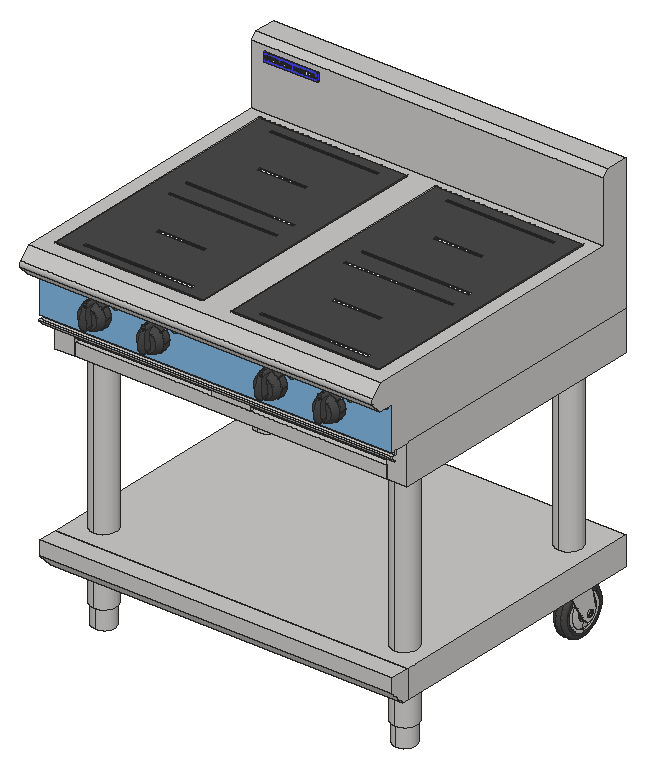
Revit family "QF_Moffat_IN514R5-LS_Induction_Cooktop_cat", category Specialty Equipment, Revit 2019
Family settings
  Round Connector Dimension = Use Diameter
  Part Type = Normal
  Work Plane-Based = No
  Always vertical = Yes
  Cut with Voids When Loaded = No
  Shared = No
  Room Calculation Point = No
Parameters (values of type "IN514R5-LS_415/60/3")
  Weight in Kilograms = 105
  Watts = 11620 W
  Volts = 415 V
  URL Cutsheet = ""
  Specification by User = ""
  Specification by Manufacturer = ""
  Show Logo [instance] = yes
  Show Legs [instance] = not(Show Castors)  # no
  Show Castors [instance] = yes
  Serial Number = ""
  Seismic Rating = ""
  SMACNA No = ""
  Revision Code = ""
  Phase = 3
  Number of Poles = 1
  NAFEM Spec ID Number = ""
  Model = "IN514R5-LS"
  Min Ckt Ampacity = 0 A
  Max Overcurrent Protection = 0 A
  Masterspec = ""
  Manufacturer = "Moffat"
  Length = 900 mm
  Item Number = ""
  Installed By = ""
  Identify Quantity as Lot = yes
  Height = 1085 mm
  HP = ""
  Furnished By = ""
  Foodservice Equipment Identifier = yes
  FL Amps = 28 A
  Electrical Remarks = ""
  Electric Connection Type = ""
  Elec Conn RI Height = 0 mm
  Elec Conn Connection Height = 0 mm
  Description = "Induction Cooktop"
  Depth = 812.2 mm
  Cycle = 60 Hz
  Conn Plug = ""
  Conn Conduit = yes
  CSI MasterFormat = ""
  Apparent Power = if(Phase = 3, Volts * FL Amps * 1.73, Volts * FL Amps)  # 20102.6 VA
Reference planes
  plane 1 "BACK": y = 0
  plane 2: z = 0
  plane 3 "LEFT": x = 0
  plane 4 "RIGHT": x = 900
  plane 5 "FRONT": y = -812.2
  plane 6 "TOP": z = 1085
  plane 7 "Center Y": x = 450
  plane 8 "Center X": y = -406.1
  plane 9: x = 65.5
  plane 10: x = 834.5
  plane 11: y = -30
  plane 12: x = 770
  plane 13: z = 635
  plane 14: y = -100
  plane 15: y = -625
  plane 16: z = 150
Forms (mm)
  Extrusion 1, solid, material "QF_Metal_Stainless_Polished"
    sketch origin (0, 0, 560) x (0, 1, 0) y (0, 0, 1)
      loop
        line (0, 180) -> (0, 525) -> (-57, 525) -> (-70, 512) -> (-70, 354.5) -> (-784.171, 354.5) -> (-808.685, 329.985)
        arc (-808.685, 329.985) -> (-812.2, 321.5) -> (-808.685, 313.015) r 12
        line (-808.685, 313.015) -> (-785.171, 289.5) -> (-749, 289.5) -> (-749, 180) -> (0, 180)
    from 0 to 900
  Extrusion 2, void
    sketch origin (0, -784.171, 914.5) x (0, 1, 0) y (-1, 0, 0)
      loop
        arc (44.671, -33.5) -> (40.428, -35.257) -> (38.671, -39.5) r 6
        line (38.671, -39.5) -> (38.671, -410.5)
        arc (38.671, -410.5) -> (40.428, -414.743) -> (44.671, -416.5) r 6
        line (44.671, -416.5) -> (690.671, -416.5)
        arc (690.671, -416.5) -> (694.913, -414.743) -> (696.671, -410.5) r 6
        line (696.671, -410.5) -> (696.671, -39.5)
        arc (696.671, -39.5) -> (694.913, -35.257) -> (690.671, -33.5) r 6
        line (690.671, -33.5) -> (44.671, -33.5)
      loop
        arc (44.671, -483.5) -> (40.428, -485.257) -> (38.671, -489.5) r 6
        line (38.671, -489.5) -> (38.671, -860.5)
        arc (38.671, -860.5) -> (40.428, -864.743) -> (44.671, -866.5) r 6
        line (44.671, -866.5) -> (690.671, -866.5)
        arc (690.671, -866.5) -> (694.913, -864.743) -> (696.671, -860.5) r 6
        line (696.671, -860.5) -> (696.671, -489.5)
        arc (696.671, -489.5) -> (694.913, -485.257) -> (690.671, -483.5) r 6
        line (690.671, -483.5) -> (44.671, -483.5)
    from 0 to -9.5
  Extrusion 3, solid, material "QF_Plastic_White_Smooth"
    sketch origin (0, -784.171, 905) x (0, 1, 0) y (-1, 0, 0)
      loop
        line (660.921, -362.5) -> (666.921, -362.5) -> (666.921, -87.5) -> (660.921, -87.5) -> (660.921, -362.5)
      loop
        line (526.421, -285) -> (532.421, -285) -> (532.421, -165) -> (526.421, -165) -> (526.421, -285)
      loop
        line (397.921, -87.5) -> (391.921, -87.5) -> (391.921, -362.5) -> (397.921, -362.5) -> (397.921, -87.5)
      loop
        line (337.421, -362.5) -> (343.421, -362.5) -> (343.421, -87.5) -> (337.421, -87.5) -> (337.421, -362.5)
      loop
        line (202.921, -285) -> (208.921, -285) -> (208.921, -165) -> (202.921, -165) -> (202.921, -285)
      loop
        line (68.421, -362.5) -> (74.421, -362.5) -> (74.421, -87.5) -> (68.421, -87.5) -> (68.421, -362.5)
      loop
        line (68.421, -812.5) -> (74.421, -812.5) -> (74.421, -537.5) -> (68.421, -537.5) -> (68.421, -812.5)
      loop
        line (202.921, -735) -> (208.921, -735) -> (208.921, -615) -> (202.921, -615) -> (202.921, -735)
      loop
        line (343.421, -537.5) -> (337.421, -537.5) -> (337.421, -812.5) -> (343.421, -812.5) -> (343.421, -537.5)
      loop
        line (391.921, -812.5) -> (397.921, -812.5) -> (397.921, -537.5) -> (391.921, -537.5) -> (391.921, -812.5)
      loop
        line (526.421, -735) -> (532.421, -735) -> (532.421, -615) -> (526.421, -615) -> (526.421, -735)
      loop
        line (660.921, -812.5) -> (666.921, -812.5) -> (666.921, -537.5) -> (660.921, -537.5) -> (660.921, -812.5)
    from 0 to 9.5
  Extrusion 4, solid, material "QF_Plastic_Black_Smooth"
    sketch origin (0, -784.171, 914.5) x (0, 1, 0) y (-1, 0, 0)
      loop
        line (690.671, -37.5) -> (44.671, -37.5)
        arc (44.671, -37.5) -> (43.256, -38.086) -> (42.671, -39.5) r 2
        line (42.671, -39.5) -> (42.671, -410.5)
        arc (42.671, -410.5) -> (43.256, -411.914) -> (44.671, -412.5) r 2
        line (44.671, -412.5) -> (690.671, -412.5)
        arc (690.671, -412.5) -> (692.085, -411.914) -> (692.671, -410.5) r 2
        line (692.671, -410.5) -> (692.671, -39.5)
        arc (692.671, -39.5) -> (692.085, -38.086) -> (690.671, -37.5) r 2
      loop
        line (690.671, -487.5) -> (44.671, -487.5)
        arc (44.671, -487.5) -> (43.256, -488.086) -> (42.671, -489.5) r 2
        line (42.671, -489.5) -> (42.671, -860.5)
        arc (42.671, -860.5) -> (43.256, -861.914) -> (44.671, -862.5) r 2
        line (44.671, -862.5) -> (690.671, -862.5)
        arc (690.671, -862.5) -> (692.085, -861.914) -> (692.671, -860.5) r 2
        line (692.671, -860.5) -> (692.671, -489.5)
        arc (692.671, -489.5) -> (692.085, -488.086) -> (690.671, -487.5) r 2
      loop
        line (666.921, -362.5) -> (666.921, -87.5) -> (660.921, -87.5) -> (660.921, -362.5) -> (666.921, -362.5)
      loop
        line (532.421, -285) -> (532.421, -165) -> (526.421, -165) -> (526.421, -285) -> (532.421, -285)
      loop
        line (397.921, -362.5) -> (397.921, -87.5) -> (391.921, -87.5) -> (391.921, -362.5) -> (397.921, -362.5)
      loop
        line (343.421, -87.5) -> (337.421, -87.5) -> (337.421, -362.5) -> (343.421, -362.5) -> (343.421, -87.5)
      loop
        line (208.921, -165) -> (202.921, -165) -> (202.921, -285) -> (208.921, -285) -> (208.921, -165)
      loop
        line (68.421, -362.5) -> (74.421, -362.5) -> (74.421, -87.5) -> (68.421, -87.5) -> (68.421, -362.5)
      loop
        line (666.921, -537.5) -> (660.921, -537.5) -> (660.921, -812.5) -> (666.921, -812.5) -> (666.921, -537.5)
      loop
        line (532.421, -615) -> (526.421, -615) -> (526.421, -735) -> (532.421, -735) -> (532.421, -615)
      loop
        line (397.921, -537.5) -> (391.921, -537.5) -> (391.921, -812.5) -> (397.921, -812.5) -> (397.921, -537.5)
      loop
        line (343.421, -812.5) -> (343.421, -537.5) -> (337.421, -537.5) -> (337.421, -812.5) -> (343.421, -812.5)
      loop
        line (208.921, -735) -> (208.921, -615) -> (202.921, -615) -> (202.921, -735) -> (208.921, -735)
      loop
        line (68.421, -537.5) -> (68.421, -812.5) -> (74.421, -812.5) -> (74.421, -537.5) -> (68.421, -537.5)
    from 0 to -9.5
  Extrusion 5, solid, material "QF_Metal_Stainless_Polished"
    sketch origin (0, 0, 600) x (0, 1, 0) y (0, 0, 1)
      loop
        line (-737.8, 140) -> (-737.8, 130) -> (-747.305, 130)
        arc (-747.305, 130) -> (-750.276, 128.015) -> (-749.579, 124.511) r 3.215
        line (-749.579, 124.511) -> (-739.05, 113.982) -> (-737.919, 115.113) -> (-748.447, 125.642)
        arc (-748.447, 125.642) -> (-748.797, 127.403) -> (-747.305, 128.4) r 1.615
        line (-747.305, 128.4) -> (-736.2, 128.4) -> (-736.2, 140) -> (-737.8, 140)
    from 0 to 900
  Extrusion 6, solid, material "QF_Plastic_Black_Smooth"
    sketch origin (0, -749, 741.875) x (0, 0, 1) y (-1, 0, 0)
      loop
        circle (99.343, -13.157) r 5
      loop
        circle (99.343, -886.843) r 5
      loop
        circle (99.343, -150) r 5
      loop
        circle (99.343, -300) r 5
      loop
        circle (99.343, -600) r 5
      loop
        circle (99.343, -750) r 5
    from 0 to 1.6
  Extrusion 7, solid, material "QF_Metal_Stainless_Polished"
    sketch origin (0, -699, 640) x (0, 1, 0) y (1, 0, 0)
      loop
        circle (669, 770) r 6.35
    from 0 to 1.6
  Extrusion 8, solid, material "QF_Metal_Stainless_Polished"
    sketch origin (0, -699, 645) x (1, 0, 0) y (0, -1, 0)
      loop
        line (0, -699) -> (900, -699) -> (900, 0) -> (849.2, 0) -> (849.2, -25.4) -> (50.8, -25.4) -> (50.8, 0) -> (0, 0) -> (0, -699)
    from 5 to -95
  Revolve 9, solid, material "QF_Metal_Stainless_Polished"
    sketch origin (65.5, -4572, 255.2) x (0, 0, -1) y (0, -1, 0)
      loop
        line (32.7, -4503.75) -> (32.7, -4472) -> (-384.8, -4472) -> (-384.8, -4503.75) -> (32.7, -4503.75)
      axis (-384.8, -4472) -> (32.7, -4472)
    angle from 0 to 360
  Revolve 10, solid, material "QF_Metal_Stainless_Polished"
    sketch origin (65.5, -4572, 255.2) x (0, 0, -1) y (0, -1, 0)
      loop
        line (255.2, -3974.5) -> (255.2, -3947) -> (-384.8, -3947) -> (-384.8, -3978.75) -> (205.2, -3978.75) -> (205.2, -3974.5) -> (255.2, -3974.5)
      axis (-384.8, -3947) -> (255.2, -3947)
    angle from 0 to 360
  Revolve 11, solid, material "QF_Metal_Stainless_Polished"
    sketch origin (834.5, -4572, 255.2) x (0, 0, -1) y (0, 1, 0)
      loop
        line (32.7, 4503.75) -> (-384.8, 4503.75) -> (-384.8, 4472) -> (32.7, 4472) -> (32.7, 4503.75)
      axis (-384.8, 4472) -> (32.7, 4472)
    angle from 0 to 360
  Revolve 12, solid, material "QF_Metal_Stainless_Polished"
    sketch origin (834.5, -4572, 255.2) x (0, 0, -1) y (0, 1, 0)
      loop
        line (255.2, 3974.5) -> (205.2, 3974.5) -> (205.2, 3978.75) -> (-384.8, 3978.75) -> (-384.8, 3947) -> (255.2, 3947) -> (255.2, 3974.5)
      axis (-384.8, 3947) -> (255.2, 3947)
    angle from 0 to 360
  Extrusion 13, solid, material "QF_Metal_Stainless_Polished"
    sketch origin (0, 0, 0) x (0, 1, 0) y (0, 0, 1)
      loop
        line (-747.95, 186) -> (-711.95, 150) -> (-697.95, 150) -> (-697.95, 222.5) -> (-747.95, 222.5) -> (-747.95, 186)
    from 0 to 900
  Extrusion 14, solid, material "QF_Metal_Stainless_Polished"
    sketch origin (0, 0, 0) x (0, 1, 0) y (0, 0, 1)
      loop
        line (-697.95, 222.5) -> (-697.95, 150) -> (0, 150) -> (0, 222.5) -> (-697.95, 222.5)
    from 0 to 900
  Revolve 15, solid, material "QF_Metal_Stainless_Polished", visible <- "Show Legs"
    sketch origin (65.5, -4047, 255.2) x (0, 0, -1) y (0, -1, 0)
      loop
        line (255.2, -3974.5) -> (255.2, -3947) -> (105.2, -3947) -> (105.2, -3978.75) -> (205.2, -3978.75) -> (205.2, -3974.5) -> (255.2, -3974.5)
      axis (105.2, -3947) -> (255.2, -3947)
    angle from 0 to 360
  Revolve 16, solid, material "QF_Metal_Stainless_Polished", visible <- "Show Legs"
    sketch origin (834.5, -4047, 255.2) x (0, 0, -1) y (0, -1, 0)
      loop
        line (255.2, -3974.5) -> (255.2, -3947) -> (105.2, -3947) -> (105.2, -3978.75) -> (205.2, -3978.75) -> (205.2, -3974.5) -> (255.2, -3974.5)
      axis (105.2, -3947) -> (255.2, -3947)
    angle from 0 to 360
  Extrusion 17, solid, material "QF_Paint_Green"
    sketch origin (-87.5, -749, 742.2) x (0, 0, 1) y (-1, 0, 0)
      loop
        circle (84.8, -282.5) r 7.15
    from 0 to 1.6
  Extrusion 18, solid, material "QF_Metal_Stainless_Polished"
    sketch origin (849.2, -673.6, 645) x (-1, 0, 0) y (0, 0, -1)
      loop
        line (0, 5) -> (0, -27.7) -> (798.4, -27.7) -> (798.4, 5) -> (0, 5)
      loop
        line (450, -37.7) -> (450, -61.4) -> (798.4, -61.4) -> (798.4, -37.7) -> (450, -37.7)
      loop
        line (0, -62.4) -> (0, -95) -> (798.4, -95) -> (798.4, -62.4) -> (0, -62.4)
      loop
        line (348.4, -37.7) -> (0, -37.7) -> (0, -61.4) -> (348.4, -61.4) -> (348.4, -37.7)
    from 0 to 25.4
  Extrusion 19, solid, material "QF_Metal_Stainless_Polished"
    sketch origin (849.2, -673.6, 645) x (1, 0, 0) y (0, 0, -1)
      loop
        line (-348.4, -62.4) -> (-348.4, -27.7) -> (-450, -27.7) -> (-450, -62.4) -> (-348.4, -62.4)
    from 0 to -25.4
  Extrusion 20, solid, material "QF_Paint_Green"
    sketch origin (62.5, -749, 742.2) x (0, 0, 1) y (-1, 0, 0)
      loop
        circle (84.8, -282.5) r 7.15
    from 0 to 1.6
  Extrusion 21, solid, material "QF_Paint_Green"
    sketch origin (362.5, -749, 742.2) x (0, 0, 1) y (-1, 0, 0)
      loop
        circle (84.8, -282.5) r 7.15
    from 0 to 1.6
  Extrusion 22, solid, material "QF_Paint_Green"
    sketch origin (512.5, -749, 742.2) x (0, 0, 1) y (-1, 0, 0)
      loop
        circle (84.8, -282.5) r 7.15
    from 0 to 1.6
Cuts and joins
  Extrusion 2 cuts Extrusion 1
  joined: Revolve 10, Revolve 12, Extrusion 14
Lines and regions (mm)
  symbolic lines
    curve 1: line (0, 0, 0) -> (900, 0, 0)
    curve 2: line (0, -812.2, 0) -> (0, 0, 0)
    curve 3: line (900, -812.2, 0) -> (0, -812.2, 0)
    curve 4: line (900, 0, 0) -> (900, -812.2, 0)
    curve 5: line (0, -57, 0) -> (900, -57, 0)
    curve 6: line (0, -70, 0) -> (900, -70, 0)
    curve 7: line (0, -784.171, 0) -> (900, -784.171, 0)
    curve 8: arc (33.5, -93.5, 0) -> (35.257, -89.257, 0) -> (39.5, -87.5, 0) r 6
    curve 9: line (39.5, -87.5, 0) -> (410.5, -87.5, 0)
    curve 10: arc (410.5, -87.5, 0) -> (414.743, -89.257, 0) -> (416.5, -93.5, 0) r 6
    curve 11: line (416.5, -93.5, 0) -> (416.5, -739.5, 0)
    curve 12: arc (416.5, -739.5, 0) -> (414.743, -743.743, 0) -> (410.5, -745.5, 0) r 6
    curve 13: line (410.5, -745.5, 0) -> (39.5, -745.5, 0)
    curve 14: arc (39.5, -745.5, 0) -> (35.257, -743.743, 0) -> (33.5, -739.5, 0) r 6
    curve 15: line (33.5, -739.5, 0) -> (33.5, -93.5, 0)
    curve 16: line (410.5, -91.5, 0) -> (39.5, -91.5, 0)
    curve 17: arc (39.5, -91.5, 0) -> (38.086, -92.086, 0) -> (37.5, -93.5, 0) r 2
    curve 18: line (37.5, -93.5, 0) -> (37.5, -739.5, 0)
    curve 19: arc (37.5, -739.5, 0) -> (38.086, -740.914, 0) -> (39.5, -741.5, 0) r 2
    curve 20: line (39.5, -741.5, 0) -> (410.5, -741.5, 0)
    curve 21: arc (410.5, -741.5, 0) -> (411.914, -740.914, 0) -> (412.5, -739.5, 0) r 2
    curve 22: line (412.5, -739.5, 0) -> (412.5, -93.5, 0)
    curve 23: arc (412.5, -93.5, 0) -> (411.914, -92.086, 0) -> (410.5, -91.5, 0) r 2
    curve 24: line (362.5, -123.25, 0) -> (87.5, -123.25, 0)
    curve 25: line (87.5, -123.25, 0) -> (87.5, -117.25, 0)
    curve 26: line (87.5, -117.25, 0) -> (362.5, -117.25, 0)
    curve 27: line (362.5, -117.25, 0) -> (362.5, -123.25, 0)
    curve 28: line (285, -257.75, 0) -> (165, -257.75, 0)
    curve 29: line (165, -257.75, 0) -> (165, -251.75, 0)
    curve 30: line (165, -251.75, 0) -> (285, -251.75, 0)
    curve 31: line (285, -251.75, 0) -> (285, -257.75, 0)
    curve 32: line (362.5, -446.75, 0) -> (87.5, -446.75, 0)
    curve 33: line (87.5, -446.75, 0) -> (87.5, -440.75, 0)
    curve 34: line (87.5, -440.75, 0) -> (362.5, -440.75, 0)
    curve 35: line (362.5, -440.75, 0) -> (362.5, -446.75, 0)
    curve 36: line (87.5, -386.25, 0) -> (362.5, -386.25, 0)
    curve 37: line (362.5, -386.25, 0) -> (362.5, -392.25, 0)
    curve 38: line (362.5, -392.25, 0) -> (87.5, -392.25, 0)
    curve 39: line (87.5, -392.25, 0) -> (87.5, -386.25, 0)
    curve 40: line (165, -581.25, 0) -> (285, -581.25, 0)
    curve 41: line (285, -581.25, 0) -> (285, -575.25, 0)
    curve 42: line (285, -575.25, 0) -> (165, -575.25, 0)
    curve 43: line (165, -575.25, 0) -> (165, -581.25, 0)
    curve 44: line (362.5, -709.75, 0) -> (87.5, -709.75, 0)
    curve 45: line (87.5, -709.75, 0) -> (87.5, -715.75, 0)
    curve 46: line (87.5, -715.75, 0) -> (362.5, -715.75, 0)
    curve 47: line (362.5, -715.75, 0) -> (362.5, -709.75, 0)
    curve 48: line (537.5, -715.75, 0) -> (812.5, -715.75, 0)
    curve 49: line (812.5, -715.75, 0) -> (812.5, -709.75, 0)
    curve 50: line (812.5, -709.75, 0) -> (537.5, -709.75, 0)
    curve 51: line (537.5, -709.75, 0) -> (537.5, -715.75, 0)
    curve 52: line (615, -581.25, 0) -> (735, -581.25, 0)
    curve 53: line (735, -581.25, 0) -> (735, -575.25, 0)
    curve 54: line (735, -575.25, 0) -> (615, -575.25, 0)
    curve 55: line (615, -575.25, 0) -> (615, -581.25, 0)
    curve 56: line (537.5, -440.75, 0) -> (812.5, -440.75, 0)
    curve 57: line (812.5, -440.75, 0) -> (812.5, -446.75, 0)
    curve 58: line (812.5, -446.75, 0) -> (537.5, -446.75, 0)
    curve 59: line (537.5, -446.75, 0) -> (537.5, -440.75, 0)
    curve 60: line (812.5, -392.25, 0) -> (537.5, -392.25, 0)
    curve 61: line (537.5, -392.25, 0) -> (537.5, -386.25, 0)
    curve 62: line (537.5, -386.25, 0) -> (812.5, -386.25, 0)
    curve 63: line (812.5, -386.25, 0) -> (812.5, -392.25, 0)
    curve 64: line (735, -257.75, 0) -> (615, -257.75, 0)
    curve 65: line (615, -257.75, 0) -> (615, -251.75, 0)
    curve 66: line (615, -251.75, 0) -> (735, -251.75, 0)
    curve 67: line (735, -251.75, 0) -> (735, -257.75, 0)
    curve 68: line (812.5, -123.25, 0) -> (537.5, -123.25, 0)
    curve 69: line (537.5, -123.25, 0) -> (537.5, -117.25, 0)
    curve 70: line (537.5, -117.25, 0) -> (812.5, -117.25, 0)
    curve 71: line (812.5, -117.25, 0) -> (812.5, -123.25, 0)
    curve 72: line (489.5, -87.5, 0) -> (860.5, -87.5, 0)
    curve 73: arc (860.5, -87.5, 0) -> (864.743, -89.257, 0) -> (866.5, -93.5, 0) r 6
    curve 74: line (866.5, -93.5, 0) -> (866.5, -739.5, 0)
    curve 75: arc (866.5, -739.5, 0) -> (864.743, -743.743, 0) -> (860.5, -745.5, 0) r 6
    curve 76: line (860.5, -745.5, 0) -> (489.5, -745.5, 0)
    curve 77: arc (489.5, -745.5, 0) -> (485.257, -743.743, 0) -> (483.5, -739.5, 0) r 6
    curve 78: line (483.5, -739.5, 0) -> (483.5, -93.5, 0)
    curve 79: arc (483.5, -93.5, 0) -> (485.257, -89.257, 0) -> (489.5, -87.5, 0) r 6
    curve 80: line (860.5, -91.5, 0) -> (489.5, -91.5, 0)
    curve 81: arc (489.5, -91.5, 0) -> (488.086, -92.086, 0) -> (487.5, -93.5, 0) r 2
    curve 82: line (487.5, -93.5, 0) -> (487.5, -739.5, 0)
    curve 83: arc (487.5, -739.5, 0) -> (488.086, -740.914, 0) -> (489.5, -741.5, 0) r 2
    curve 84: line (489.5, -741.5, 0) -> (860.5, -741.5, 0)
    curve 85: arc (860.5, -741.5, 0) -> (861.914, -740.914, 0) -> (862.5, -739.5, 0) r 2
    curve 86: line (862.5, -739.5, 0) -> (862.5, -93.5, 0)
    curve 87: arc (862.5, -93.5, 0) -> (861.914, -92.086, 0) -> (860.5, -91.5, 0) r 2
Dimensions and locks
  equal spacing: plane 3 "LEFT", plane 7 "Center Y", plane 4 "RIGHT"
  "Length": plane 3 "LEFT" to plane 4 "RIGHT"
  equal spacing: plane 5 "FRONT", plane 8 "Center X", plane 1 "BACK"
  "Depth": plane 5 "FRONT" to plane 1 "BACK"
  "Height": plane 6 "TOP" to level
  plane 9 to plane 10 = 769 mm
  plane 4 "RIGHT" to plane 3 "LEFT" = 900 mm
  plane 1 "BACK" to cut or joined group of Extrusion 1, Extrusion 2 = 70 mm
  plane 1 "BACK" to plane 5 "FRONT" = 812.2 mm
  plane 6 "TOP" to plane 2 = 1085 mm
  cut or joined group of Extrusion 1, Extrusion 2 to plane 2 = 914.5 mm
  locked: plane 12 to plane 4 "RIGHT" at 130
  plane 1 "BACK" to plane 11 = 30 mm
  plane 1 "BACK" to plane 14 to plane 15 = 100 mm, 525 mm
  plane 2 to plane 13 = 635 mm
  plane 16 to plane 2 = 150 mm
  aligned and locked: level to plane 2
Automatic sketch dimensions
  Extrusion 1 sketch curve to plane 6 "TOP" = 0 mm
  Extrusion 1 sketch curve to plane 1 "BACK" = 0 mm
  plane 11 to Extrusion 1 sketch curve = 27 mm
  Extrusion 1 sketch curve to plane 6 "TOP" = 13 mm
  Extrusion 1 sketch curve to Extrusion 1 sketch curve = 13 mm
  Extrusion 1 sketch curve to plane 5 "FRONT" = 63.2 mm
  Extrusion 1 sketch curve to plane 5 "FRONT" = 28.029 mm
  Extrusion 1 sketch curve to plane 5 "FRONT" = 27.029 mm
  Extrusion 1 sketch curve to plane 5 "FRONT" = 12 mm
  Extrusion 1 sketch curve to plane 5 "FRONT" = 3.515 mm  (x2)
  Extrusion 1 sketch curve to plane 6 "TOP" = 170.5 mm
  Extrusion 1 sketch curve to Extrusion 1 sketch curve = 24.515 mm
  Extrusion 1 sketch curve to Extrusion 1 sketch curve = 8.485 mm
  Extrusion 1 sketch curve to Extrusion 1 sketch curve = 32 mm
  Extrusion 1 sketch curve to plane 13 = 105 mm
  Extrusion 5 sketch curve to Extrusion 5 sketch curve = 0 mm  (x2)
  Extrusion 5 sketch curve to plane 5 "FRONT" = 62.621 mm
  Extrusion 5 sketch curve to Extrusion 5 sketch curve = 1.131 mm  (x3)
  Extrusion 5 sketch curve to Extrusion 5 sketch curve = 1.142 mm  (x2)
  Extrusion 5 sketch curve to Extrusion 5 sketch curve = 10.529 mm
  Extrusion 5 sketch curve to Extrusion 5 sketch curve = 9.505 mm
  Extrusion 5 sketch curve to Extrusion 5 sketch curve = 1.6 mm
  Extrusion 5 sketch curve to plane 13 = 78.982 mm
  Extrusion 5 sketch curve to Extrusion 5 sketch curve = 10 mm
  Extrusion 8 to Extrusion 7 sketch curve = 30 mm
  Extrusion 7 sketch curve to Extrusion 8 = 79.2 mm
  plane 1 "BACK" to Extrusion 8 sketch curve = 0 mm
  Extrusion 8 sketch curve to plane 3 "LEFT" = 0 mm
  Extrusion 8 sketch curve to plane 4 "RIGHT" = 0 mm
  plane 9 to Extrusion 8 sketch curve = 14.7 mm
  Extrusion 8 sketch curve to plane 10 = 14.7 mm
  plane 15 to Extrusion 8 sketch curve = 48.6 mm
  Extrusion 8 sketch curve to Extrusion 8 sketch curve = 25.4 mm  (x2)
  Revolve 9 sketch curve to plane 14 = 0 mm  (x2)
  Revolve 9 sketch curve to plane 13 = 5 mm
  Revolve 9 sketch curve to plane 14 = 31.75 mm
  plane 16 to Revolve 9 sketch curve = 72.5 mm
  Revolve 9 sketch curve to Revolve 9 sketch curve = 0 mm
  plane 16 to Revolve 9 sketch curve = 25 mm
  Revolve 10 sketch curve to plane 15 = 0 mm  (x2)
  Revolve 10 sketch curve to level = 0 mm  (x2)
  level to Revolve 10 sketch curve = 50 mm
  Revolve 10 sketch curve to plane 13 = 5 mm
  Revolve 10 sketch curve to Revolve 10 sketch curve = 27.5 mm
  Revolve 10 sketch curve to Revolve 10 sketch curve = 31.75 mm
  Revolve 10 sketch curve to Revolve 10 sketch curve = 25 mm
  Revolve 11 sketch curve to plane 14 = 0 mm  (x2)
  Revolve 11 sketch curve to plane 13 = 5 mm
  Revolve 11 sketch curve to plane 14 = 31.75 mm
  plane 16 to Revolve 11 sketch curve = 72.5 mm
  Revolve 11 sketch curve to Revolve 11 sketch curve = 0 mm
  Revolve 11 sketch curve to Revolve 11 sketch curve = 25 mm
  Revolve 12 sketch curve to plane 15 = 0 mm  (x2)
  Revolve 12 sketch curve to level = 0 mm  (x2)
  level to Revolve 12 sketch curve = 50 mm
  Revolve 12 sketch curve to plane 13 = 5 mm
  Revolve 12 sketch curve to plane 15 = 27.5 mm
  Revolve 12 sketch curve to Revolve 12 sketch curve = 4.25 mm
  Revolve 12 sketch curve to Revolve 12 sketch curve = 25 mm
  Extrusion 13 sketch curve to plane 16 = 0 mm
  Extrusion 13 sketch curve to plane 5 "FRONT" = 64.25 mm
  Extrusion 13 sketch curve to Extrusion 13 sketch curve = 36 mm
  Extrusion 13 sketch curve to Extrusion 13 sketch curve = 14 mm
  plane 16 to Extrusion 13 sketch curve = 36 mm
  Extrusion 13 sketch curve to Extrusion 13 sketch curve = 36.5 mm
  Extrusion 14 sketch curve to plane 16 = 0 mm
  Extrusion 14 sketch curve to plane 1 "BACK" = 0 mm
  plane 15 to Extrusion 14 sketch curve = 72.95 mm
  Extrusion 14 sketch curve to Extrusion 14 sketch curve = 72.5 mm
  Revolve 15 sketch curve to plane 14 = 0 mm  (x2)
  Revolve 15 sketch curve to plane 16 = 0 mm
  Revolve 15 sketch curve to level = 0 mm  (x2)
  level to Revolve 15 sketch curve = 50 mm
  Revolve 15 sketch curve to Revolve 15 sketch curve = 27.5 mm
  Revolve 15 sketch curve to plane 14 = 31.75 mm
  Revolve 15 sketch curve to Revolve 15 sketch curve = 25 mm
  Revolve 16 sketch curve to plane 14 = 0 mm  (x2)
  Revolve 16 sketch curve to plane 16 = 0 mm
  Revolve 16 sketch curve to level = 0 mm  (x2)
  level to Revolve 16 sketch curve = 50 mm
  Revolve 16 sketch curve to Revolve 16 sketch curve = 27.5 mm
  Revolve 16 sketch curve to plane 14 = 31.75 mm
  Revolve 16 sketch curve to Revolve 16 sketch curve = 25 mm
  Extrusion 1 to Extrusion 17 sketch curve = 22.5 mm
  Extrusion 1 to Extrusion 17 sketch curve = 195 mm
  Extrusion 18 sketch curve to Extrusion 8 = 0 mm  (x8)
  Extrusion 8 to Extrusion 18 sketch curve = 42.7 mm
  Extrusion 18 sketch curve to Extrusion 8 = 348.4 mm
  Extrusion 8 to Extrusion 18 sketch curve = 33.6 mm
  Extrusion 18 sketch curve to Extrusion 18 sketch curve = 101.6 mm
  Extrusion 18 sketch curve to Extrusion 18 sketch curve = 1 mm  (x2)
  Extrusion 18 sketch curve to Extrusion 18 sketch curve = 23.7 mm
  Extrusion 18 sketch curve to Extrusion 18 sketch curve = 10 mm
  Extrusion 18 to Extrusion 19 sketch curve = 0 mm
  Extrusion 19 sketch curve to Extrusion 18 = 0 mm  (x3)
  Extrusion 1 to Extrusion 20 sketch curve = 22.5 mm
  Extrusion 1 to Extrusion 20 sketch curve = 345 mm
  Extrusion 1 to Extrusion 21 sketch curve = 22.5 mm
  Extrusion 1 to Extrusion 21 sketch curve = 255 mm
  Extrusion 1 to Extrusion 22 sketch curve = 22.5 mm
  Extrusion 1 to Extrusion 22 sketch curve = 105 mm
  curve 3 to plane 3 "LEFT" = 0 mm
  curve 3 to plane 4 "RIGHT" = 0 mm
  plane 5 "FRONT" to curve 3 = 0 mm
  plane 1 "BACK" to curve 2 = 0 mm
  plane 11 to curve 5 = 27 mm
  curve 6 to curve 5 = 13 mm
  curve 2 to curve 7 = 28.029 mm
  Extrusion 1 to Extrusion 6 sketch curve = 8.282 mm  (x6)
  Extrusion 1 to Extrusion 6 sketch curve = 13.157 mm  (x2)
  Extrusion 6 sketch curve to Extrusion 6 sketch curve = 136.843 mm
  Extrusion 6 sketch curve to Extrusion 6 sketch curve = 150 mm
  Extrusion 1 to Extrusion 6 sketch curve = 300 mm
  Extrusion 1 to Extrusion 6 sketch curve = 150 mm
  Extrusion 2 sketch curve to Extrusion 1 = 38.671 mm  (x2)
  Extrusion 2 sketch curve to Extrusion 2 sketch curve = 6 mm  (x6)
  Extrusion 1 to Extrusion 2 sketch curve = 23.5 mm  (x4)
  Extrusion 1 to Extrusion 2 sketch curve = 416.5 mm
  Extrusion 1 to Extrusion 2 sketch curve = 39.5 mm  (x2)
  Extrusion 2 sketch curve to Extrusion 2 sketch curve = 67 mm
  Extrusion 4 sketch curve to Extrusion 1 = 42.671 mm  (x2)
  Extrusion 4 sketch curve to Extrusion 4 sketch curve = 2 mm  (x6)
  Extrusion 4 sketch curve to Extrusion 4 sketch curve = 23.75 mm  (x2)
  Extrusion 4 sketch curve to Extrusion 4 sketch curve = 6 mm  (x12)
  Extrusion 4 sketch curve to Extrusion 4 sketch curve = 128.5 mm  (x6)
  Extrusion 4 sketch curve to Extrusion 4 sketch curve = 48.5 mm  (x2)
  Extrusion 1 to Extrusion 4 sketch curve = 53.25 mm  (x2)
  Extrusion 1 to Extrusion 4 sketch curve = 23.5 mm  (x4)
  Extrusion 1 to Extrusion 4 sketch curve = 37.5 mm
  Extrusion 1 to Extrusion 4 sketch curve = 87.5 mm  (x4)
  Extrusion 4 sketch curve to Extrusion 4 sketch curve = 0 mm  (x4)
  Extrusion 4 sketch curve to Extrusion 4 sketch curve = 48 mm  (x5)
  Extrusion 4 sketch curve to Extrusion 4 sketch curve = 77.5 mm  (x7)
  Extrusion 4 sketch curve to Extrusion 4 sketch curve = 120 mm  (x4)
  Extrusion 4 sketch curve to Extrusion 4 sketch curve = 75 mm
  Extrusion 4 sketch curve to Extrusion 4 sketch curve = 175 mm
  Extrusion 1 to Extrusion 4 sketch curve = 39.5 mm
  Extrusion 3 sketch curve to Extrusion 2 = 35.75 mm  (x3)
  Extrusion 3 sketch curve to Extrusion 3 sketch curve = 6 mm  (x12)
  Extrusion 3 sketch curve to Extrusion 2 = 54 mm  (x15)
  Extrusion 3 sketch curve to Extrusion 3 sketch curve = 128.5 mm  (x6)
  Extrusion 3 sketch curve to Extrusion 2 = 131.5 mm  (x4)
  Extrusion 3 sketch curve to Extrusion 3 sketch curve = 120 mm  (x4)
  Extrusion 3 sketch curve to Extrusion 3 sketch curve = 48.5 mm  (x2)
  Extrusion 3 sketch curve to Extrusion 3 sketch curve = 0 mm
  Extrusion 3 sketch curve to Extrusion 2 = 29.75 mm
  plane 9 to curve 15 = 32 mm
  curve 14 to curve 14 = 6 mm
  curve 8 to curve 8 = 6 mm
  curve 13 to plane 7 "Center Y" = 39.5 mm
  curve 9 to plane 14 = 12.5 mm
  curve 9 to plane 7 "Center Y" = 39.5 mm
  curve 12 to curve 11 = 6 mm
  curve 13 to plane 5 "FRONT" = 66.7 mm
  curve 8 to curve 17 = 0 mm  (x2)
  curve 10 to curve 23 = 0 mm  (x2)
  curve 12 to curve 21 = 0 mm  (x2)
  curve 14 to curve 19 = 0 mm
  curve 18 to curve 8 = 2 mm
  curve 24 to plane 9 = 22 mm
  plane 14 to curve 27 = 17.25 mm
  curve 27 to curve 23 = 48 mm
  curve 24 to curve 25 = 6 mm
  curve 28 to plane 9 = 99.5 mm
  curve 29 to curve 31 = 120 mm
  plane 8 "Center X" to curve 28 = 148.35 mm
  curve 28 to curve 30 = 6 mm
  curve 32 to plane 9 = 22 mm
  curve 32 to plane 8 "Center X" = 40.65 mm
  curve 32 to plane 7 "Center Y" = 87.5 mm
  curve 32 to curve 33 = 6 mm
  curve 39 to plane 9 = 22 mm
  plane 8 "Center X" to curve 37 = 13.85 mm
  curve 37 to curve 34 = 0 mm
  curve 37 to curve 37 = 6 mm
  curve 40 to plane 15 = 43.75 mm
  curve 40 to plane 9 = 99.5 mm
  curve 42 to plane 15 = 49.75 mm
  curve 42 to curve 42 = 120 mm
  curve 44 to plane 9 = 22 mm
  curve 44 to curve 21 = 48 mm
  curve 21 to curve 47 = 23.75 mm
  curve 45 to curve 44 = 6 mm
  plane 7 "Center Y" to curve 50 = 87.5 mm
  plane 10 to curve 50 = 22 mm
  plane 15 to curve 48 = 90.75 mm
  curve 48 to curve 51 = 6 mm
  curve 52 to plane 15 = 43.75 mm
  curve 50 to curve 52 = 77.5 mm
  plane 12 to curve 52 = 35 mm
  curve 52 to curve 53 = 6 mm
  curve 56 to plane 8 "Center X" = 34.65 mm
  plane 7 "Center Y" to curve 56 = 87.5 mm
  plane 10 to curve 56 = 22 mm
  curve 58 to curve 56 = 6 mm
  plane 8 "Center X" to curve 62 = 19.85 mm
  curve 62 to curve 56 = 0 mm
  plane 10 to curve 63 = 22 mm
  curve 60 to curve 61 = 6 mm
  curve 61 to curve 64 = 77.5 mm
  plane 12 to curve 67 = 35 mm
  plane 8 "Center X" to curve 64 = 148.35 mm
  curve 64 to curve 66 = 6 mm
  plane 14 to curve 70 = 17.25 mm
  plane 7 "Center Y" to curve 70 = 87.5 mm
  plane 10 to curve 71 = 22 mm
  curve 71 to curve 70 = 6 mm
  curve 78 to plane 14 = 6.5 mm
  plane 7 "Center Y" to curve 78 = 33.5 mm
  curve 78 to curve 79 = 6 mm
  curve 77 to curve 77 = 6 mm
  curve 72 to plane 10 = 26 mm
  curve 76 to plane 10 = 26 mm
  curve 75 to curve 74 = 6 mm
  curve 7 to curve 76 = 38.671 mm
  curve 73 to curve 87 = 0 mm  (x2)
  curve 75 to curve 85 = 0 mm  (x2)
  curve 77 to curve 83 = 0 mm  (x2)
  curve 79 to curve 81 = 0 mm
  curve 82 to curve 79 = 2 mm
  radius of Extrusion 7 sketch curve = 6.35 mm
  radius of Extrusion 17 sketch curve = 7.15 mm
  radius of Extrusion 20 sketch curve = 7.15 mm
  radius of Extrusion 21 sketch curve = 7.15 mm
  radius of Extrusion 22 sketch curve = 7.15 mm
  radius of Extrusion 6 sketch curve = 5 mm  (x6)
Nested families
  nested 1: "QF_LOGO_BLue Seal" at (32, -70, 1034.385), visible <- "Show Logo", type "QF_LOGO_BLue Seal"
  nested 2: "6 INCHES 02_CASTER" at (65.5, -100, 0), Show Casters <- "Show Castors", type "6 INCHES 02_CASTER"
    with Type Mark "", Specification by User "", Show Casters yes, Revision Code "", Item Number "", Installed By "", Identify Quantity as Lot yes, Furnished By "", Foodservice Equipment Identifier yes
  nested 3: "6 INCHES 02_CASTER" at (834.5, -100, 0), Show Casters <- "Show Castors", type "6 INCHES 02_CASTER"
    with Type Mark "", Specification by User "", Show Casters yes, Revision Code "", Item Number "", Installed By "", Identify Quantity as Lot yes, Furnished By "", Foodservice Equipment Identifier yes
  nested 4: "Knob" at (117.5, -739.5, 764.5), type "Knob"
  nested 5: "Knob" at (267.5, -739.5, 764.5), type "Knob"
  nested 6: "Knob" at (567.5, -739.5, 764.5), type "Knob"
  nested 7: "Knob" at (717.5, -739.5, 764.5), type "Knob"
Connectors
  electrical at (770, -30, 638.4), driven by "Volts", driven by "Watts"
    settings: on Extrusion 7, index 1, voltage 415 V, apparent load 11620 VA, apparent load phase1 0 VA, apparent load phase2 0 VA, apparent load phase3 0 VA, power factor 1, load classification "Other", number of poles 1, system type 30, power factor state 1, is connector primary yes, connector utility no, sub classification motor no, connector description "Electrical Connection"
Definition of nested family "QF_LOGO_BLue Seal"
  Parameters (values of type "QF_LOGO_BLue Seal")
    Weight in Pounds = 0
    URL Cutsheet = ""
    Specification by User = ""
    Specification by Manufacturer = ""
    Serial Number = ""
    Seismic Rating = ""
    SMACNA No = ""
    Revision Code = ""
    NAFEM Spec ID Number = ""
    Masterspec = ""
    Length = 138 mm
    Item Number = ""
    Installed By = ""
    Identify Quantity as Lot = yes
    Height = 23 mm
    Furnished By = ""
    Foodservice Equipment Identifier = yes
    Depth = 3.175 mm
    CSI MasterFormat = ""
  Reference planes
    plane 1 "BACK": y = 0
    plane 2: z = 0
    plane 3 "LEFT": x = 0
    plane 4 "RIGHT": x = 138
    plane 5 "FRONT": y = -3.175
    plane 6 "TOP": z = 23
    plane 7 "Center Y": x = 69
    plane 8 "Center X": y = -1.587
  Forms (mm)
    Extrusion 1, solid
      sketch origin (0, 0, 0) x (1, 0, 0) y (0, 0, 1)
        loop
          arc (2, 23) -> (0.586, 22.414) -> (0, 21) r 2
          line (0, 21) -> (0, 2)
          arc (0, 2) -> (0.586, 0.586) -> (2, 0) r 2
          line (2, 0) -> (136, 0)
          arc (136, 0) -> (137.414, 0.586) -> (138, 2) r 2
          line (138, 2) -> (138, 21)
          arc (138, 21) -> (137.414, 22.414) -> (136, 23) r 2
          line (136, 23) -> (2, 23)
        loop
          arc (16.625, 15.317) -> (15.943, 15.034) -> (15.66, 14.352) r 0.965
          line (15.66, 14.352) -> (15.66, 8.169)
          arc (15.66, 8.169) -> (15.953, 7.461) -> (16.66, 7.169) r 1
          line (16.66, 7.169) -> (27.958, 7.169)
          arc (27.958, 7.169) -> (29.995, 9.206) -> (27.958, 11.243) r 2.037
          arc (27.958, 11.243) -> (29.995, 13.28) -> (27.958, 15.317) r 2.037
          line (27.958, 15.317) -> (16.625, 15.317)
        loop
          line (21.163, 13.835) -> (21.163, 12.291) -> (23.596, 12.291)
          arc (23.596, 12.291) -> (24.368, 13.063) -> (23.596, 13.835) r 0.772
          line (23.596, 13.835) -> (21.163, 13.835)
        loop
          line (21.163, 8.544) -> (23.596, 8.544)
          arc (23.596, 8.544) -> (24.368, 9.316) -> (23.596, 10.089) r 0.772
          line (23.596, 10.089) -> (21.163, 10.089) -> (21.163, 8.544)
        loop
          arc (32.475, 15.317) -> (31.768, 15.024) -> (31.475, 14.317) r 1
          line (31.475, 14.317) -> (31.475, 8.169)
          arc (31.475, 8.169) -> (31.768, 7.461) -> (32.475, 7.169) r 1
          line (32.475, 7.169) -> (41.849, 7.169)
          arc (41.849, 7.169) -> (42.859, 8.178) -> (41.849, 9.188) r 1.01
          line (41.849, 9.188) -> (37.262, 9.188) -> (37.262, 14.317)
          arc (37.262, 14.317) -> (36.969, 15.024) -> (36.262, 15.317) r 1
          line (36.262, 15.317) -> (32.475, 15.317)
        loop
          arc (44.648, 15.317) -> (43.941, 15.024) -> (43.648, 14.317) r 1
          line (43.648, 14.317) -> (43.648, 9.124)
          arc (43.648, 9.124) -> (44.221, 7.741) -> (45.604, 7.169) r 1.956
          line (45.604, 7.169) -> (55.306, 7.169)
          arc (55.306, 7.169) -> (56.749, 7.766) -> (57.347, 9.209) r 2.04
          line (57.347, 9.209) -> (57.347, 14.358)
          arc (57.347, 14.358) -> (57.066, 15.036) -> (56.388, 15.317) r 0.959
          line (56.388, 15.317) -> (52.676, 15.317)
          arc (52.676, 15.317) -> (51.968, 15.024) -> (51.676, 14.317) r 1
          line (51.676, 14.317) -> (51.676, 10.17)
          arc (51.676, 10.17) -> (50.529, 9.024) -> (49.383, 10.17) r 1.146
          line (49.383, 10.17) -> (49.383, 14.317)
          arc (49.383, 14.317) -> (49.09, 15.024) -> (48.383, 15.317) r 1
          line (48.383, 15.317) -> (44.648, 15.317)
        loop
          arc (60.035, 15.317) -> (59.328, 15.024) -> (59.035, 14.317) r 1
          line (59.035, 14.317) -> (59.035, 8.169)
          arc (59.035, 8.169) -> (59.328, 7.461) -> (60.035, 7.169) r 1
          line (60.035, 7.169) -> (69.845, 7.169)
          arc (69.845, 7.169) -> (70.828, 8.152) -> (69.845, 9.135) r 0.983
          line (69.845, 9.135) -> (65.06, 9.135) -> (65.06, 10.415) -> (69.988, 10.415)
          arc (69.988, 10.415) -> (70.828, 11.255) -> (69.988, 12.095) r 0.84
          line (69.988, 12.095) -> (65.06, 12.095) -> (65.06, 13.215) -> (69.777, 13.215)
          arc (69.777, 13.215) -> (70.828, 14.266) -> (69.777, 15.317) r 1.051
          line (69.777, 15.317) -> (60.035, 15.317)
        loop
          line (77.315, 14.317) -> (77.315, 11.634)
          arc (77.315, 11.634) -> (77.608, 10.927) -> (78.315, 10.634) r 1
          line (78.315, 10.634) -> (85.957, 10.634) -> (85.957, 8.756) -> (82.871, 8.756) -> (82.871, 9.708) -> (77.315, 9.708) -> (77.315, 8.169)
          arc (77.315, 8.169) -> (77.608, 7.461) -> (78.315, 7.169) r 1
          line (78.315, 7.169) -> (90.614, 7.169)
          arc (90.614, 7.169) -> (91.321, 7.461) -> (91.614, 8.169) r 1
          line (91.614, 8.169) -> (91.614, 11.073)
          arc (91.614, 11.073) -> (91.322, 11.778) -> (90.617, 12.07) r 0.996
          line (90.617, 12.07) -> (82.871, 12.07) -> (82.871, 13.786) -> (85.957, 13.786) -> (85.957, 12.856) -> (91.614, 12.856) -> (91.614, 14.317)
          arc (91.614, 14.317) -> (91.321, 15.024) -> (90.614, 15.317) r 1
          line (90.614, 15.317) -> (78.315, 15.317)
          arc (78.315, 15.317) -> (77.608, 15.024) -> (77.315, 14.317) r 1
        loop
          arc (107.404, 15.317) -> (106.697, 15.024) -> (106.404, 14.317) r 1
          line (106.404, 14.317) -> (106.404, 8.169)
          arc (106.404, 8.169) -> (106.697, 7.461) -> (107.404, 7.169) r 1
          line (107.404, 7.169) -> (111.34, 7.169)
          arc (111.34, 7.169) -> (112.047, 7.461) -> (112.34, 8.169) r 1
          line (112.34, 8.169) -> (112.34, 9.135) -> (115.1, 9.135) -> (115.1, 8.169)
          arc (115.1, 8.169) -> (115.393, 7.461) -> (116.1, 7.169) r 1
          line (116.1, 7.169) -> (119.975, 7.169)
          arc (119.975, 7.169) -> (120.682, 7.461) -> (120.975, 8.169) r 1
          line (120.975, 8.169) -> (120.975, 14.317)
          arc (120.975, 14.317) -> (120.682, 15.024) -> (119.975, 15.317) r 1
          line (119.975, 15.317) -> (107.404, 15.317)
        loop
          arc (94.016, 15.317) -> (93.309, 15.024) -> (93.016, 14.317) r 1
          line (93.016, 14.317) -> (93.016, 8.169)
          arc (93.016, 8.169) -> (93.309, 7.461) -> (94.016, 7.169) r 1
          line (94.016, 7.169) -> (103.826, 7.169)
          arc (103.826, 7.169) -> (104.809, 8.152) -> (103.826, 9.135) r 0.983
          line (103.826, 9.135) -> (99.041, 9.135) -> (99.041, 10.415) -> (103.969, 10.415)
          arc (103.969, 10.415) -> (104.809, 11.255) -> (103.969, 12.095) r 0.84
          line (103.969, 12.095) -> (99.041, 12.095) -> (99.041, 13.215) -> (103.759, 13.215)
          arc (103.759, 13.215) -> (104.809, 14.266) -> (103.759, 15.317) r 1.051
          line (103.759, 15.317) -> (94.016, 15.317)
        loop
          line (112.34, 11.583) -> (115.1, 11.583) -> (115.1, 12.915)
          arc (115.1, 12.915) -> (114.954, 13.268) -> (114.6, 13.415) r 0.5
          line (114.6, 13.415) -> (112.84, 13.415)
          arc (112.84, 13.415) -> (112.487, 13.268) -> (112.34, 12.915) r 0.5
          line (112.34, 12.915) -> (112.34, 11.583)
        loop
          arc (123.692, 15.317) -> (122.985, 15.024) -> (122.692, 14.317) r 1
          line (122.692, 14.317) -> (122.692, 8.169)
          arc (122.692, 8.169) -> (122.985, 7.461) -> (123.692, 7.169) r 1
          line (123.692, 7.169) -> (133.067, 7.169)
          arc (133.067, 7.169) -> (134.076, 8.178) -> (133.067, 9.188) r 1.01
          line (133.067, 9.188) -> (128.479, 9.188) -> (128.479, 14.317)
          arc (128.479, 14.317) -> (128.186, 15.024) -> (127.479, 15.317) r 1
          line (127.479, 15.317) -> (123.692, 15.317)
        loop
          circle (8.135, 11.2) r 4.581
      from 0 to 3.2
    Extrusion 2, solid
      sketch origin (0, 0, 0) x (1, 0, 0) y (0, 0, 1)
        loop
          circle (8.135, 11.2) r 4.581
        loop
          line (8.289, 15.169) -> (8.289, 7.231)
          arc (8.289, 7.231) -> (12.08, 11.2) -> (8.289, 15.169) r 3.973
        loop
          arc (16.625, 15.317) -> (15.943, 15.034) -> (15.66, 14.352) r 0.965
          line (15.66, 14.352) -> (15.66, 8.169)
          arc (15.66, 8.169) -> (15.953, 7.461) -> (16.66, 7.169) r 1
          line (16.66, 7.169) -> (27.958, 7.169)
          arc (27.958, 7.169) -> (29.995, 9.206) -> (27.958, 11.243) r 2.037
          arc (27.958, 11.243) -> (29.995, 13.28) -> (27.958, 15.317) r 2.037
          line (27.958, 15.317) -> (16.625, 15.317)
        loop
          line (21.163, 12.291) -> (23.596, 12.291)
          arc (23.596, 12.291) -> (24.368, 13.063) -> (23.596, 13.835) r 0.772
          line (23.596, 13.835) -> (21.163, 13.835) -> (21.163, 12.291)
        loop
          line (23.596, 10.089) -> (21.163, 10.089) -> (21.163, 8.544) -> (23.596, 8.544)
          arc (23.596, 8.544) -> (24.368, 9.316) -> (23.596, 10.089) r 0.772
        loop
          arc (37.262, 14.317) -> (36.969, 15.024) -> (36.262, 15.317) r 1
          line (36.262, 15.317) -> (32.475, 15.317)
          arc (32.475, 15.317) -> (31.768, 15.024) -> (31.475, 14.317) r 1
          line (31.475, 14.317) -> (31.475, 8.169)
          arc (31.475, 8.169) -> (31.768, 7.461) -> (32.475, 7.169) r 1
          line (32.475, 7.169) -> (41.849, 7.169)
          arc (41.849, 7.169) -> (42.859, 8.178) -> (41.849, 9.188) r 1.01
          line (41.849, 9.188) -> (37.262, 9.188) -> (37.262, 14.317)
        loop
          arc (43.648, 9.124) -> (44.221, 7.741) -> (45.604, 7.169) r 1.956
          line (45.604, 7.169) -> (55.306, 7.169)
          arc (55.306, 7.169) -> (56.749, 7.766) -> (57.347, 9.209) r 2.04
          line (57.347, 9.209) -> (57.347, 14.358)
          arc (57.347, 14.358) -> (57.066, 15.036) -> (56.388, 15.317) r 0.959
          line (56.388, 15.317) -> (52.676, 15.317)
          arc (52.676, 15.317) -> (51.968, 15.024) -> (51.676, 14.317) r 1
          line (51.676, 14.317) -> (51.676, 10.17)
          arc (51.676, 10.17) -> (50.529, 9.024) -> (49.383, 10.17) r 1.146
          line (49.383, 10.17) -> (49.383, 14.317)
          arc (49.383, 14.317) -> (49.09, 15.024) -> (48.383, 15.317) r 1
          line (48.383, 15.317) -> (44.648, 15.317)
          arc (44.648, 15.317) -> (43.941, 15.024) -> (43.648, 14.317) r 1
          line (43.648, 14.317) -> (43.648, 9.124)
        loop
          arc (69.777, 13.215) -> (70.828, 14.266) -> (69.777, 15.317) r 1.051
          line (69.777, 15.317) -> (60.035, 15.317)
          arc (60.035, 15.317) -> (59.328, 15.024) -> (59.035, 14.317) r 1
          line (59.035, 14.317) -> (59.035, 8.169)
          arc (59.035, 8.169) -> (59.328, 7.461) -> (60.035, 7.169) r 1
          line (60.035, 7.169) -> (69.845, 7.169)
          arc (69.845, 7.169) -> (70.828, 8.152) -> (69.845, 9.135) r 0.983
          line (69.845, 9.135) -> (65.06, 9.135) -> (65.06, 10.415) -> (69.988, 10.415)
          arc (69.988, 10.415) -> (70.828, 11.255) -> (69.988, 12.095) r 0.84
          line (69.988, 12.095) -> (65.06, 12.095) -> (65.06, 13.215) -> (69.777, 13.215)
        loop
          line (82.871, 13.786) -> (85.957, 13.786) -> (85.957, 12.856) -> (91.614, 12.856) -> (91.614, 14.317)
          arc (91.614, 14.317) -> (91.321, 15.024) -> (90.614, 15.317) r 1
          line (90.614, 15.317) -> (78.315, 15.317)
          arc (78.315, 15.317) -> (77.608, 15.024) -> (77.315, 14.317) r 1
          line (77.315, 14.317) -> (77.315, 11.634)
          arc (77.315, 11.634) -> (77.608, 10.927) -> (78.315, 10.634) r 1
          line (78.315, 10.634) -> (85.957, 10.634) -> (85.957, 8.756) -> (82.871, 8.756) -> (82.871, 9.708) -> (77.315, 9.708) -> (77.315, 8.169)
          arc (77.315, 8.169) -> (77.608, 7.461) -> (78.315, 7.169) r 1
          line (78.315, 7.169) -> (90.614, 7.169)
          arc (90.614, 7.169) -> (91.321, 7.461) -> (91.614, 8.169) r 1
          line (91.614, 8.169) -> (91.614, 11.073)
          arc (91.614, 11.073) -> (91.322, 11.778) -> (90.617, 12.07) r 0.996
          line (90.617, 12.07) -> (82.871, 12.07) -> (82.871, 13.786)
        loop
          arc (103.759, 13.215) -> (104.809, 14.266) -> (103.759, 15.317) r 1.051
          line (103.759, 15.317) -> (94.016, 15.317)
          arc (94.016, 15.317) -> (93.309, 15.024) -> (93.016, 14.317) r 1
          line (93.016, 14.317) -> (93.016, 8.169)
          arc (93.016, 8.169) -> (93.309, 7.461) -> (94.016, 7.169) r 1
          line (94.016, 7.169) -> (103.826, 7.169)
          arc (103.826, 7.169) -> (104.809, 8.152) -> (103.826, 9.135) r 0.983
          line (103.826, 9.135) -> (99.041, 9.135) -> (99.041, 10.415) -> (103.969, 10.415)
          arc (103.969, 10.415) -> (104.809, 11.255) -> (103.969, 12.095) r 0.84
          line (103.969, 12.095) -> (99.041, 12.095) -> (99.041, 13.215) -> (103.759, 13.215)
        loop
          line (112.34, 12.915) -> (112.34, 11.583) -> (115.1, 11.583) -> (115.1, 12.915)
          arc (115.1, 12.915) -> (114.954, 13.268) -> (114.6, 13.415) r 0.5
          line (114.6, 13.415) -> (112.84, 13.415)
          arc (112.84, 13.415) -> (112.487, 13.268) -> (112.34, 12.915) r 0.5
        loop
          arc (119.975, 7.169) -> (120.682, 7.461) -> (120.975, 8.169) r 1
          line (120.975, 8.169) -> (120.975, 14.317)
          arc (120.975, 14.317) -> (120.682, 15.024) -> (119.975, 15.317) r 1
          line (119.975, 15.317) -> (107.404, 15.317)
          arc (107.404, 15.317) -> (106.697, 15.024) -> (106.404, 14.317) r 1
          line (106.404, 14.317) -> (106.404, 8.169)
          arc (106.404, 8.169) -> (106.697, 7.461) -> (107.404, 7.169) r 1
          line (107.404, 7.169) -> (111.34, 7.169)
          arc (111.34, 7.169) -> (112.047, 7.461) -> (112.34, 8.169) r 1
          line (112.34, 8.169) -> (112.34, 9.135) -> (115.1, 9.135) -> (115.1, 8.169)
          arc (115.1, 8.169) -> (115.393, 7.461) -> (116.1, 7.169) r 1
          line (116.1, 7.169) -> (119.975, 7.169)
        loop
          arc (122.692, 8.169) -> (122.985, 7.461) -> (123.692, 7.169) r 1
          line (123.692, 7.169) -> (133.067, 7.169)
          arc (133.067, 7.169) -> (134.076, 8.178) -> (133.067, 9.188) r 1.01
          line (133.067, 9.188) -> (128.479, 9.188) -> (128.479, 14.317)
          arc (128.479, 14.317) -> (128.186, 15.024) -> (127.479, 15.317) r 1
          line (127.479, 15.317) -> (123.692, 15.317)
          arc (123.692, 15.317) -> (122.985, 15.024) -> (122.692, 14.317) r 1
          line (122.692, 14.317) -> (122.692, 8.169)
        loop
          line (8.019, 7.227) -> (8.019, 15.172)
          arc (8.019, 15.172) -> (4.133, 11.2) -> (8.019, 7.227) r 3.973
      from 0 to 3.2
    Extrusion 3, solid
      sketch origin (0, 0, 0) x (1, 0, 0) y (0, 0, 1)
        loop
          line (8.289, 15.169) -> (8.289, 7.231)
          arc (8.289, 7.231) -> (12.08, 11.2) -> (8.289, 15.169) r 3.973
      from 0 to 3.2
    Extrusion 4, solid
      sketch origin (16.271, 0, 0) x (-1, 0, 0) y (0, 0, -1)
        loop
          arc (8.252, -15.172) -> (12.138, -11.2) -> (8.252, -7.227) r 3.973
          line (8.252, -7.227) -> (8.252, -15.172)
      from 0 to 3.2
  Dimensions and locks
    equal spacing: plane 3 "LEFT", plane 7 "Center Y", plane 4 "RIGHT"
    "Length": plane 3 "LEFT" to plane 4 "RIGHT"
    equal spacing: plane 5 "FRONT", plane 8 "Center X", plane 1 "BACK"
    "Depth": plane 5 "FRONT" to plane 1 "BACK"
    "Height": plane 6 "TOP" to level
    plane 4 "RIGHT" to plane 3 "LEFT" = 138 mm
    aligned and locked: level to plane 2
  Automatic sketch dimensions
    Extrusion 1 sketch curve to Extrusion 1 sketch curve = 0 mm  (x12)
    Extrusion 1 sketch curve to plane 3 "LEFT" = 0 mm
    Extrusion 1 sketch curve to level = 0 mm
    Extrusion 1 sketch curve to plane 6 "TOP" = 0 mm
    plane 4 "RIGHT" to Extrusion 1 sketch curve = 0 mm
    plane 3 "LEFT" to Extrusion 1 sketch curve = 2 mm
    Extrusion 1 sketch curve to Extrusion 1 sketch curve = 2 mm
    plane 3 "LEFT" to Extrusion 1 sketch curve = 8.135 mm
    Extrusion 1 sketch curve to Extrusion 1 sketch curve = 7.524 mm
    Extrusion 1 sketch curve to Extrusion 1 sketch curve = 0.965 mm
    Extrusion 1 sketch curve to Extrusion 1 sketch curve = 1 mm  (x22)
    Extrusion 1 sketch curve to Extrusion 1 sketch curve = 4.503 mm
    Extrusion 1 sketch curve to Extrusion 1 sketch curve = 2.434 mm  (x2)
    Extrusion 1 sketch curve to Extrusion 1 sketch curve = 4.362 mm
    Extrusion 1 sketch curve to Extrusion 1 sketch curve = 3.517 mm
    Extrusion 1 sketch curve to Extrusion 1 sketch curve = 3.787 mm  (x2)
    Extrusion 1 sketch curve to Extrusion 1 sketch curve = 4.787 mm
    Extrusion 1 sketch curve to Extrusion 1 sketch curve = 4.588 mm
    Extrusion 1 sketch curve to Extrusion 1 sketch curve = 1.798 mm
    Extrusion 1 sketch curve to Extrusion 1 sketch curve = 1.956 mm  (x2)
    Extrusion 1 sketch curve to Extrusion 1 sketch curve = 3.735 mm
    Extrusion 1 sketch curve to Extrusion 1 sketch curve = 3.779 mm
    Extrusion 1 sketch curve to Extrusion 1 sketch curve = 1.146 mm
    Extrusion 1 sketch curve to Extrusion 1 sketch curve = 3.631 mm
    Extrusion 1 sketch curve to Extrusion 1 sketch curve = 3.713 mm
    Extrusion 1 sketch curve to Extrusion 1 sketch curve = 0.959 mm
    Extrusion 1 sketch curve to Extrusion 1 sketch curve = 1.688 mm
    Extrusion 1 sketch curve to plane 7 "Center Y" = 3.94 mm
    plane 7 "Center Y" to Extrusion 1 sketch curve = 0.777 mm
    plane 7 "Center Y" to Extrusion 1 sketch curve = 0.845 mm
    plane 7 "Center Y" to Extrusion 1 sketch curve = 0.988 mm
    Extrusion 1 sketch curve to Extrusion 1 sketch curve = 7.327 mm
    Extrusion 1 sketch curve to Extrusion 1 sketch curve = 4.556 mm
    Extrusion 1 sketch curve to Extrusion 1 sketch curve = 3.087 mm
    Extrusion 1 sketch curve to Extrusion 1 sketch curve = 4.657 mm  (x2)
    Extrusion 1 sketch curve to Extrusion 1 sketch curve = 0.004 mm
    Extrusion 1 sketch curve to Extrusion 1 sketch curve = 0.996 mm  (x2)
    Extrusion 1 sketch curve to Extrusion 1 sketch curve = 1.402 mm
    Extrusion 1 sketch curve to Extrusion 1 sketch curve = 5.025 mm
    Extrusion 1 sketch curve to Extrusion 1 sketch curve = 4.717 mm
    Extrusion 1 sketch curve to Extrusion 1 sketch curve = 4.785 mm
    Extrusion 1 sketch curve to Extrusion 1 sketch curve = 0.211 mm
    Extrusion 1 sketch curve to Extrusion 1 sketch curve = 2.645 mm
    Extrusion 1 sketch curve to Extrusion 1 sketch curve = 3.936 mm
    Extrusion 1 sketch curve to Extrusion 1 sketch curve = 0.5 mm  (x2)
    Extrusion 1 sketch curve to Extrusion 1 sketch curve = 1.76 mm
    Extrusion 1 sketch curve to Extrusion 1 sketch curve = 2.76 mm
    Extrusion 1 sketch curve to Extrusion 1 sketch curve = 4.875 mm
    Extrusion 1 sketch curve to Extrusion 1 sketch curve = 3.875 mm
    Extrusion 1 sketch curve to Extrusion 1 sketch curve = 1.717 mm
    plane 4 "RIGHT" to Extrusion 1 sketch curve = 4.933 mm
    plane 4 "RIGHT" to Extrusion 1 sketch curve = 2 mm  (x2)
    level to Extrusion 1 sketch curve = 7.169 mm  (x5)
    Extrusion 1 sketch curve to Extrusion 1 sketch curve = 5.169 mm
    Extrusion 1 sketch curve to Extrusion 1 sketch curve = 0.983 mm  (x2)
    Extrusion 1 sketch curve to Extrusion 1 sketch curve = 1.01 mm  (x2)
    Extrusion 1 sketch curve to Extrusion 1 sketch curve = 0.376 mm
    Extrusion 1 sketch curve to Extrusion 1 sketch curve = 0.588 mm
    Extrusion 1 sketch curve to Extrusion 1 sketch curve = 0.966 mm
    Extrusion 1 sketch curve to Extrusion 1 sketch curve = 2.037 mm  (x2)
    Extrusion 1 sketch curve to Extrusion 1 sketch curve = 0.772 mm  (x2)
    Extrusion 1 sketch curve to Extrusion 1 sketch curve = 0.952 mm
    Extrusion 1 sketch curve to Extrusion 1 sketch curve = 1.046 mm
    Extrusion 1 sketch curve to Extrusion 1 sketch curve = 1.28 mm  (x2)
    Extrusion 1 sketch curve to Extrusion 1 sketch curve = 1.878 mm
    Extrusion 1 sketch curve to Extrusion 1 sketch curve = 2.905 mm
    Extrusion 1 sketch curve to Extrusion 1 sketch curve = 3.031 mm
    Extrusion 1 sketch curve to Extrusion 1 sketch curve = 0.84 mm  (x2)
    Extrusion 1 sketch curve to Extrusion 1 sketch curve = 2.448 mm
    Extrusion 1 sketch curve to Extrusion 1 sketch curve = 2.202 mm
    Extrusion 1 sketch curve to Extrusion 1 sketch curve = 0.786 mm
    Extrusion 1 sketch curve to Extrusion 1 sketch curve = 1.332 mm
    Extrusion 1 sketch curve to Extrusion 1 sketch curve = 1.12 mm  (x2)
    Extrusion 1 sketch curve to Extrusion 1 sketch curve = 1.716 mm
    Extrusion 1 sketch curve to Extrusion 1 sketch curve = 1.051 mm  (x2)
    Extrusion 1 sketch curve to Extrusion 1 sketch curve = 4.147 mm
    Extrusion 1 sketch curve to Extrusion 1 sketch curve = 5.129 mm
    Extrusion 1 sketch curve to Extrusion 1 sketch curve = 0.051 mm
    Extrusion 1 sketch curve to Extrusion 1 sketch curve = 1.037 mm
    Extrusion 1 sketch curve to Extrusion 1 sketch curve = 0.516 mm
    plane 3 "LEFT" to Extrusion 1 sketch curve = 3.555 mm
    Extrusion 2 sketch curve to Extrusion 2 sketch curve = 0 mm  (x16)
    plane 3 "LEFT" to Extrusion 2 sketch curve = 8.019 mm
    Extrusion 2 sketch curve to Extrusion 2 sketch curve = 0.088 mm
    Extrusion 2 sketch curve to Extrusion 2 sketch curve = 0.029 mm
    Extrusion 2 sketch curve to Extrusion 2 sketch curve = 0.27 mm
    Extrusion 2 sketch curve to Extrusion 2 sketch curve = 7.371 mm
    Extrusion 2 sketch curve to Extrusion 2 sketch curve = 0.965 mm
    Extrusion 2 sketch curve to Extrusion 2 sketch curve = 1 mm  (x24)
    Extrusion 2 sketch curve to Extrusion 2 sketch curve = 4.503 mm
    Extrusion 2 sketch curve to Extrusion 2 sketch curve = 2.434 mm
    Extrusion 2 sketch curve to Extrusion 2 sketch curve = 4.362 mm
    Extrusion 2 sketch curve to Extrusion 2 sketch curve = 3.517 mm
    Extrusion 2 sketch curve to Extrusion 2 sketch curve = 3.787 mm  (x2)
    Extrusion 2 sketch curve to Extrusion 2 sketch curve = 4.787 mm  (x2)
    Extrusion 2 sketch curve to Extrusion 2 sketch curve = 4.588 mm  (x2)
    Extrusion 2 sketch curve to Extrusion 2 sketch curve = 1.798 mm
    Extrusion 2 sketch curve to Extrusion 2 sketch curve = 1.956 mm
    Extrusion 2 sketch curve to Extrusion 2 sketch curve = 3.735 mm
    Extrusion 2 sketch curve to Extrusion 2 sketch curve = 1.146 mm
    Extrusion 2 sketch curve to Extrusion 2 sketch curve = 3.631 mm
    Extrusion 2 sketch curve to Extrusion 2 sketch curve = 3.713 mm
    Extrusion 2 sketch curve to Extrusion 2 sketch curve = 0.959 mm
